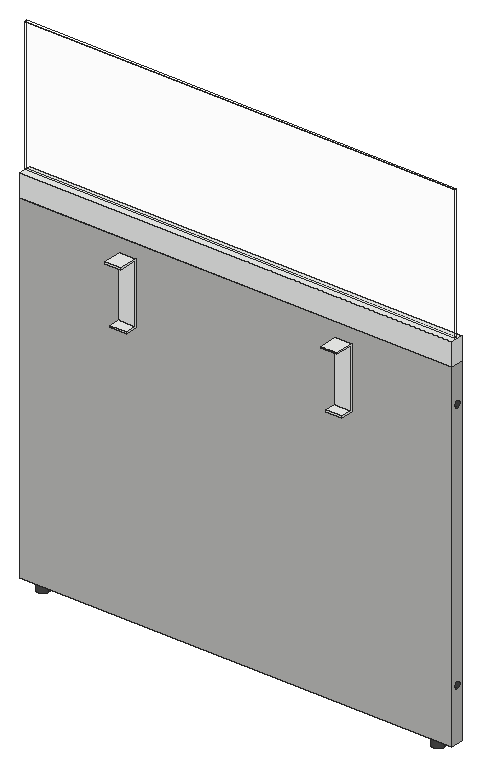
Revit family "Screens-Leg_Mounted-Teknion-JNSFGL_Floor_Screen-R20161", category Furniture, Revit 2016
Family settings
  OmniClass Number = 23.40.70.14.64.21
  OmniClass Title = Systems Furniture
  Work Plane-Based = No
  Always vertical = Yes
  Cut with Voids When Loaded = No
  Shared = Yes
  Room Calculation Point = No
Parameters (values of type "Double-Sided Leg Overlay")
  With Alignment Holes [instance] = yes
  Width Extension Note [instance] = if([Double-Sided Leg Overlay], "Please choose Standard Width.", "Please choose between Standard Width or One-Side Width Extension.")  # "Please choose Standard Width."
  Width [instance] = 36.000"
  Warranty = "http://www.teknion.com/ca/papers/legal-canada"
  Unit Weight URL = "http://www.teknion.com/ca/tools/assets#&asset=bee6a381-b954-425e-8283-5a2de3a804f2,f828d448-4b62-4231-9e5f-9a8991c0ed77"
  URL = "www.teknion.com"
  To render, please download texture images found here [instance] = "https://assets.teknion.com/web/5e81352c1dfdb467/revit-material-swatches/"
  Sustainability Data = "https://www.teknion.com/ca/tools/assets#&topic=216f99a5-57a0-44fc-b10a-9dee9b29ae4c&asset=444deb64-fe58-4b68-981e-f75e97781df7,b4ff2d81-9f2e-437d-9659-7cffb09c31cf"
  Standard Width [instance] = not([Has One-Side Width Extension])  # yes
  Series = "Expansion Cityline"
  Screen Finish [instance] = Foundation Laminate - Teknion - XG - Very White
  Right Offset [instance] = if(and(Right, [Has One-Side Width Extension]), 1.016", 0.000")  # 0.000"
  Right Bracket Visiblity = or(Left, [Double-Sided Leg Overlay])  # yes
  Right = no
  Product Page URL = "https://www.teknion.com/ca/products/product-details?productlineid=9ad2a26e-8e7a-673b-a6c8-ff05004460c4"
  Product Line = "Expansion Cityline"
  Product Documentation Link = "https://www.teknion.com/pricing/expansion-cityline/pdfs/JNSFGL_ppg.pdf"
  Model = "JNSFGLD_____"
  Manufacturer Phone = "416-661-3370"  # constant formula
  Manufacturer Fax = "416.661.4586"  # constant formula
  Manufacturer Contact Information = "http://www.teknion.com/ca/contactus"
  Manufacturer Address = "1150 Flint Road, Toronto, ON. M3J 2J5. Canada"  # constant formula
  Manufacturer = "Teknion"  # constant formula
  Left Offset [instance] = if(and(Left, [Has One-Side Width Extension]), 1.016", 0.000")  # 0.000"
  Left Bracket Visiblity = or(Right, [Double-Sided Leg Overlay])  # yes
  Left = no
  How To Use Teknion Materials User Guide [instance] = "https://assets.teknion.com/m/205dd0a49fa58060/original/How-to-add-a-Material-Library-and-Texture-Images-to-your-Revit-project.pdf"
  Has One-Side Width Extension [instance] = no
  Glass Starting Height [instance] = 29.000"
  Glass Finish [instance] = Glass - Teknion - CL - Clear
  Frame Finish [instance] = Paint - Teknion - Mica - Very White
  For Additional Finishes, please visit [instance] = "https://assets.teknion.com/m/44a8009b046e5d47/original/Teknion_Materials_Library.zip"
  Double-Sided Leg Overlay = yes
  Description = "Floor Screen with Glass – Leg-Mounted, Double-Sided Leg Overlay"
  Datum Height [instance] = 42.000"
  Available Glass Starting Height [instance] = if(Datum Height = 42.000", "Please enter in 29 inches below.", if(Datum Height = 51.000", "Please enter in 29 or 42 inches below.", "Please enter in 42 inches below."))  # "Please enter in 29 inches below."
  Available Datum Heights [instance] = "42, 51, 57 inches."  # constant formula
  Actual Glass Starting Height [instance] = if(Glass Starting Height = 29.000", 30.000", 43.000")  # 30.000"
  Bracket Spacing [instance] = if(and(not([Double-Sided Leg Overlay]), [Has One-Side Width Extension]), 7.016", if([Double-Sided Leg Overlay], 9.000", 6.000"))  # 9.000"
  Available Widths [instance] = if([Double-Sided Leg Overlay], "36, 48, 60 to 84 inches in 6 inch increments.", "18 to 84 inches in 6 inch increments.")  # "36, 48, 60 to 84 inches in 6 inch increments."
  Assembly Code = "E2020200"
Types (4): name | Width Extension Note | Right Bracket Visiblity | Right | Model | Left Bracket Visiblity | Left | Double-Sided Leg Overlay | Description | Bracket Spacing | Available Widths
  (no name) | "Please choose Standard Width." | yes | no | "JNSFGLD_____" | yes | no | yes | "Floor Screen with Glass – Leg-Mounted, Double-Sided Leg Overlay" | 9.000" | "36, 48, 60 to 84 inches in 6 inch increments."
  Double-Sided Leg Overlay | "Please choose Standard Width." | yes | no | "JNSFGLD_____" | yes | no | yes | "Floor Screen with Glass – Leg-Mounted, Double-Sided Leg Overlay" | 9.000" | "36, 48, 60 to 84 inches in 6 inch increments."
  Left Configuration | "Please choose between Standard Width or One-Side Width Extension." | yes | no | "JNSFGLL_____" | no | yes | no | "Floor Screen with Glass – Leg-Mounted, Left Configuration" | 6.000" | "18 to 84 inches in 6 inch increments."
  Right Configuration | "Please choose between Standard Width or One-Side Width Extension." | no | yes | "JNSFGLR_____" | yes | no | no | "Floor Screen with Glass – Leg-Mounted, Right Configuration" | 6.000" | "18 to 84 inches in 6 inch increments."
Reference planes (in)
  plane 1 "Center F/B": y = 0.50787
  plane 2: z = 0
  plane 3 "Center L/R": x = 0
  plane 4 "Top": z = 42
  plane 5: x = -18
  plane 6: y = 0
  plane 7: y = 1.01575
  plane 8: x = 18
  plane 9: y = -0.11811
  plane 10 "Left Offset": x = -18
  plane 11 "Right Offset": x = 18
  plane 12: z = 27.81102
  plane 13: z = 22.69685
  plane 14: z = 27.69291
  plane 15: z = 22.81496
  plane 16: y = -1.5748
  plane 17: x = -9
  plane 18: x = 9
  plane 19: z = 30
  plane 20: y = -1.02362
Forms (in)
  Sweep 1, solid, material "Foundation Laminate - Teknion - XG - Very White" <- "Screen Finish"
    path origin (0, 0, 0) x (1, 0, 0) y (0, 1, 0)
      loop
        line (-18, 0) -> (-18, 1.01575)
    profile origin (-18, 0.50787, 0) x (-1, 0, 0) y (0, 0, 1)
      loop
        line (0, 29) -> (-36, 29) -> (-36, 0.60236) -> (0, 0.60236) -> (0, 29)
  Sweep 2, solid, material "Glass - Teknion - CL - Clear" <- "Glass Finish"
    path origin (0, 0, 0) x (1, 0, 0) y (0, 1, 0)
      loop
        line (-17.94094, 0.38976) -> (-17.94094, 0.62598)
    profile origin (-17.94094, 0.50787, 0) x (-1, 0, 0) y (0, 0, 1)
      loop
        line (0, 42) -> (-35.88189, 42) -> (-35.88189, 30.88976) -> (0, 30.88976) -> (0, 42)
  Sweep 3, solid, material "Paint - Teknion - Mica - Very White" <- "Frame Finish"
    path origin (0, 0, 0) x (1, 0, 0) y (0, 1, 0)
      loop
        line (-17.94094, 0) -> (-17.94094, 1.01575)
    profile origin (-17.94094, 0.50787, 0) x (-1, 0, 0) y (0, 0, 1)
      loop
        line (0.05906, 30.88976) -> (-35.94094, 30.88976) -> (-35.94094, 29) -> (0.05906, 29) -> (0.05906, 30.88976)
  Sweep 4, solid, material "Plastic - Teknion - E - Ebony"
    path origin (0, 0.50787, 0) x (1, 0, 0) y (0, 0, 1)
      loop
        line (-15, 0) -> (-15, 0.60236)
    profile origin (-15, 0.50787, 0.30118) x (-1, 0, 0) y (0, -1, 0)
      loop
        circle (1.5, 0) r 0.5
      loop
        circle (-31.5, 0) r 0.5
  Sweep 5, solid, material "Paint - Teknion - Mica - Very White" <- "Frame Finish", visible <- "Left Bracket Visiblity"
    path origin (0, 0, 0) x (1, 0, 0) y (0, 1, 0)
      loop
        line (-9.66929, -1.5748) -> (-8.33071, -1.5748)
    profile origin (-9, -1.5748, 0) x (0, 1, 0) y (0, 0, 1)
      loop
        line (0, 27.69291) -> (1.45669, 27.69291) -> (1.45669, 22.81496) -> (0.55118, 22.81496) -> (0.55118, 22.69685) -> (1.5748, 22.69685) -> (1.5748, 27.81102) -> (0, 27.81102) -> (0, 27.69291)
  Sweep 6, solid, material "Paint - Teknion - Mica - Very White" <- "Frame Finish", visible <- "Right Bracket Visiblity"
    path origin (9, 0, 0) x (1, 0, 0) y (0, 1, 0)
      loop
        line (-0.66929, -1.5748) -> (0.66929, -1.5748)
    profile origin (9, -1.5748, 0) x (0, 1, 0) y (0, 0, 1)
      loop
        line (0, 27.69291) -> (1.45669, 27.69291) -> (1.45669, 22.81496) -> (0.55118, 22.81496) -> (0.55118, 22.69685) -> (1.5748, 22.69685) -> (1.5748, 27.81102) -> (0, 27.81102) -> (0, 27.69291)
  Sweep 7, solid, material "Plastic - Teknion - E - Ebony", visible <- "With Alignment Holes"
    path origin (0, 0, 0) x (1, 0, 0) y (0, 1, 0)
      loop
        line (-18, 0.50787) -> (-18.07874, 0.50787)
    profile origin (-18.03937, 0.50787, 0) x (0, -1, 0) y (0, 0, 1)
      loop
        circle (0, 26) r 0.23571
      loop
        circle (0, 5.0005) r 0.23571
  Sweep 8, solid, material "Plastic - Teknion - E - Ebony", visible <- "With Alignment Holes"
    path origin (1.016, 0, 0) x (-1, 0, 0) y (0, 1, 0)
      loop
        line (-16.984, 0.50787) -> (-17.06274, 0.50787)
    profile origin (18.03937, 0.50787, 0) x (0, 1, 0) y (0, 0, 1)
      loop
        circle (0, 26) r 0.23571
      loop
        circle (0, 5.0005) r 0.23571
Lines and regions (in)
  Masking region 1
    outline origin (0, 0, 0) x (1, 0, 0) y (0, 1, 0)
      loop
        line (-18, 1.01575) -> (-18, 0) -> (18, 0) -> (18, 1.01575) -> (-18, 1.01575)
  Masking region 2, visible <- "With Alignment Holes"
    outline origin (0, 0, 0) x (1, 0, 0) y (0, 1, 0)
      loop
        line (-18, 0.74358) -> (-18.07874, 0.74358) -> (-18.07874, 0.27216) -> (-18, 0.27216) -> (-18, 0.74358)
      loop
        line (18, 0.27216) -> (18.07874, 0.27216) -> (18.07874, 0.74358) -> (18, 0.74358) -> (18, 0.27216)
  Masking region 3, visible <- "Left Bracket Visiblity"
    outline origin (0, 0, 0) x (1, 0, 0) y (0, 1, 0)
      loop
        line (-8.33071, -1.5748) -> (-8.33071, 0) -> (-9.66929, 0) -> (-9.66929, -1.5748) -> (-8.33071, -1.5748)
  Masking region 4, visible <- "Right Bracket Visiblity"
    outline origin (0, 0, 0) x (0, 1, 0) y (-1, 0, 0)
      loop
        line (-1.5748, -8.33071) -> (-1.5748, -9.66929) -> (0, -9.66929) -> (0, -8.33071) -> (-1.5748, -8.33071)
  symbolic lines
    curve 1: line (-17.94094, 0.62598, 0) -> (17.94094, 0.62598, 0)
    curve 2: line (-17.94094, 0.38976, 0) -> (-17.94094, 0.62598, 0)
    curve 3: line (17.94094, 0.38976, 0) -> (-17.94094, 0.38976, 0)
    curve 4: line (17.94094, 0.62598, 0) -> (17.94094, 0.38976, 0)
  symbolic lines, detail levels fine
    curve 5: arc (-16, 0.50787, 0) -> (-16.5, 1.00787, 0) -> (-17, 0.50787, 0) r 0.5
    curve 6: arc (-17, 0.50787, 0) -> (-16.5, 0.00787, 0) -> (-16, 0.50787, 0) r 0.5
    curve 7: arc (16, 0.50787, 0) -> (16.5, 0.00787, 0) -> (17, 0.50787, 0) r 0.5
    curve 8: arc (17, 0.50787, 0) -> (16.5, 1.00787, 0) -> (16, 0.50787, 0) r 0.5
  symbolic lines, visible <- "Left Bracket Visiblity", detail levels fine
    curve 9: line (-9.66929, -0.11811, 0) -> (-8.33071, -0.11811, 0)
    curve 13: line (-9.66929, -1.02362, 0) -> (-8.33071, -1.02362, 0)
  symbolic lines, visible <- "Right Bracket Visiblity", detail levels fine
    curve 10: line (8.33071, -0.11811, 0) -> (9.66929, -0.11811, 0)
    curve 14: line (8.33071, -1.02362, 0) -> (9.66929, -1.02362, 0)
  reference lines, not visible
    curve 11: line (-18, 1.01575, 0) -> (-18, 0, 0)
    curve 12: line (18, 1.01575, 0) -> (18, 0, 0)
Dimensions and locks (in)
  "Datum Height": plane 4 "Top" to level
  equal spacing: plane 6, plane 1 "Center F/B", plane 7
  locked: plane 7 to plane 6 at 1.01575
  locked: plane 6 to plane 9 at 0.11811
  "Width": plane 5 to plane 8
  "Left Offset": plane 10 "Left Offset" to plane 5
  "Right Offset": plane 8 to plane 11 "Right Offset"
  locked: Sweep 2 sketch curve to plane 10 "Left Offset" at 0.05906
  locked: plane 11 "Right Offset" to Sweep 2 sketch curve at 0.05906
  locked: plane 10 "Left Offset" to Sweep 4 sketch curve at 1.5
  locked: plane 7 to Sweep 4 sketch curve at 0.50787  (x2)
  locked: Sweep 4 sketch curve to plane 11 "Right Offset" at 1.5
  plane 2 to plane 13 to plane 15 to plane 14 to plane 12 = 22.69685" locked, 0.11811" locked, 4.87795" locked, 0.11811" locked
  plane 9 to plane 20 to plane 16 = 0.90551" locked, 0.55118" locked
  Sweep 5 to plane 17 to Sweep 5 = 0.66929" locked, 0.66929" locked
  "Bracket Spacing": plane 11 "Right Offset" to plane 18
  Sweep 6 to plane 18 to Sweep 6 = 0.66929" locked, 0.66929" locked
  "Actual Glass Starting Height": plane 19 to level
  locked: Sweep 2 sketch curve to plane 19 at 0.88976
  Sweep 3 sketch curve to plane 19 to Sweep 3 sketch curve = 0.88976" locked, 1.000" locked
  locked: plane 19 to Sweep 1 sketch curve at 1
  locked: Sweep 7 sketch curve to plane 2 at 5.0005
  locked: plane 1 "Center F/B" to Sweep 7 sketch curve at 0  (x2)
  locked: Sweep 7 sketch curve to plane 19 at 4
  locked: Sweep 8 sketch curve to Sweep 8 sketch curve at 0.07874
  locked: Sweep 7 sketch curve to Sweep 7 sketch curve at 0.07874
  locked: Sweep 8 sketch curve to plane 19 at 4
  locked: plane 1 "Center F/B" to Sweep 8 sketch curve at 0  (x2)
  locked: Sweep 8 sketch curve to plane 2 at 5.0005
  Masking region 2 sketch curve to plane 1 "Center F/B" to Masking region 2 sketch curve = 0.23571" locked, 0.23571" locked  (x2)
  equal spacing: plane 5, plane 3 "Center L/R", plane 8
  "Bracket Spacing": plane 17 to plane 10 "Left Offset"
  aligned and locked: plane 2 to level
  aligned and locked: Sweep 3 sketch curve to plane 11 "Right Offset"
  aligned and locked: Sweep 1 sketch curve to plane 11 "Right Offset"
  aligned and locked: plane 10 "Left Offset" to Sweep 1 sketch curve
  aligned and locked: plane 10 "Left Offset" to Sweep 3 sketch curve
  aligned and locked: plane 14 to Sweep 5 sketch curve
  aligned and locked: plane 12 to Sweep 5 sketch curve
  aligned and locked: plane 9 to Sweep 5 sketch curve
  aligned and locked: plane 6 to Sweep 5 sketch curve
  aligned and locked: plane 13 to Sweep 5 sketch curve
  aligned and locked: plane 15 to Sweep 5 sketch curve
  aligned and locked: plane 16 to Sweep 5 sketch curve
  aligned and locked: Sweep 6 sketch curve to plane 12
  aligned and locked: Sweep 6 sketch curve to plane 14
  aligned and locked: plane 16 to Sweep 6 sketch curve
  aligned and locked: Sweep 6 sketch curve to plane 9
  aligned and locked: Sweep 6 sketch curve to plane 6
  aligned and locked: Sweep 6 sketch curve to plane 13
  aligned and locked: Sweep 6 sketch curve to plane 15
  aligned and locked: Sweep 2 sketch curve to plane 4 "Top"
  aligned and locked: plane 11 "Right Offset" to Sweep 8 sketch curve
  aligned and locked: plane 10 "Left Offset" to Sweep 7 sketch curve
  aligned and locked: Masking region 1 sketch curve to plane 7
  aligned and locked: Masking region 1 sketch curve to plane 11 "Right Offset"
  aligned and locked: Masking region 1 sketch curve to plane 10 "Left Offset"
  aligned and locked: Masking region 1 sketch curve to Sweep 3
  aligned and locked: curve 1 to Sweep 2
  aligned and locked: curve 2 to Sweep 2
  aligned and locked: curve 3 to Sweep 2
  aligned and locked: curve 4 to Sweep 2
  aligned and locked: curve 5 to Sweep 4
  aligned and locked: curve 6 to Sweep 4
  aligned and locked: curve 7 to Sweep 4
  aligned and locked: curve 8 to Sweep 4
  aligned and locked: Masking region 2 sketch curve to Sweep 7  (x2)
  aligned and locked: Masking region 2 sketch curve to Sweep 8  (x2)
  aligned and locked: Masking region 3 sketch curve to Sweep 5  (x3)
  aligned and locked: Sweep 3 to Masking region 3 sketch curve
  aligned and locked: curve 9 to Sweep 5
  aligned and locked: curve 10 to Sweep 6
  aligned and locked: curve 11 to plane 10 "Left Offset"
  aligned and locked: curve 12 to plane 11 "Right Offset"
  aligned and locked: plane 20 to Sweep 5 sketch curve
  aligned and locked: Sweep 6 sketch curve to plane 20
  aligned and locked: curve 13 to Sweep 5
  aligned and locked: curve 14 to Sweep 6
  aligned and locked: Masking region 4 to curve 10
  aligned and locked: plane 6 to Masking region 4
  aligned and locked: plane 16 to Masking region 4
  aligned and locked: Masking region 4 to Sweep 6  (x2)
Automatic sketch dimensions
  curve 13 to plane 17 = 0.66929"
  curve 9 to plane 17 = 0.66929"
  plane 17 to curve 9 = 0.66929"
  plane 17 to curve 13 = 0.66929"
  curve 14 to plane 18 = 0.66929"
  plane 18 to curve 14 = 0.66929"
  plane 18 to curve 10 = 0.66929"
  Sweep 1 sketch curve to plane 5 = 0.000"
  Sweep 1 sketch curve to plane 6 = 0.000"
  Sweep 1 sketch curve to plane 7 = 0.000"
  level to Sweep 1 sketch curve = 0.60236"
  Sweep 2 sketch curve to plane 5 = 0.05906"
  plane 1 "Center F/B" to Sweep 2 sketch curve = 0.11811"
  Sweep 2 sketch curve to plane 1 "Center F/B" = 0.11811"
  Sweep 3 sketch curve to plane 7 = 0.000"
  Sweep 3 sketch curve to plane 6 = 0.000"
  Sweep 3 sketch curve to plane 5 = 0.05906"
  Sweep 4 sketch curve to level = 0.000"
  level to Sweep 4 sketch curve = 0.60236"
  Sweep 4 sketch curve to plane 5 = 3.000"
  Sweep 5 sketch curve to plane 16 = 0.000"
  Sweep 5 sketch curve to plane 17 = 0.66929"
  plane 17 to Sweep 5 sketch curve = 0.66929"
  plane 16 to Sweep 6 sketch curve = 0.000"
  Sweep 6 sketch curve to plane 18 = 0.66929"
  plane 18 to Sweep 6 sketch curve = 0.66929"
  Sweep 7 sketch curve to plane 1 "Center F/B" = 0.000"
  plane 1 "Center F/B" to Sweep 8 sketch curve = 0.000"
  curve 11 to plane 6 = 0.000"
  plane 6 to curve 12 = 0.000"
  plane 7 to curve 12 = 0.000"
  curve 11 to plane 7 = 0.000"
  plane 16 to Masking region 4 sketch curve = 0.000"
  Masking region 4 sketch curve to plane 6 = 0.000"
  plane 18 to Masking region 4 sketch curve = 0.66929"
  Masking region 4 sketch curve to plane 18 = 0.66929"
  radius of Sweep 4 sketch curve = 0.500"  (x2)
  radius of Sweep 7 sketch curve = 0.23571"  (x2)
  radius of Sweep 8 sketch curve = 0.23571"  (x2)
